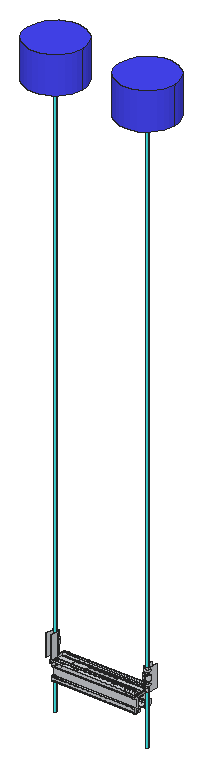
Revit family "KIT #1 (SS)", category Electrical Fixtures, Revit 2016
Family settings
  Maintain Annotation Orientation = No
  Part Type = Normal
  Round Connector Dimension = Use Diameter
  OmniClass Number = 23.80.00.00
  OmniClass Title = Electric Power and Lighting
  Work Plane-Based = No
  Always vertical = Yes
  Cut with Voids When Loaded = Yes
  Shared = Yes
  Room Calculation Point = No
Parameters
  top of 4D connection insert4 [instance] = Top of Strut 4 - 0' 0 97/256"  # -0' - 0 97/256"
  top of 4D connection insert3 [instance] = Top of Strut 3 - 0' 0 97/256"  # -0' - 0 97/256"
  top of 4D connection insert2 [instance] = Top of Strut 2 - 0' 0 97/256"  # -0' - 0 97/256"
  top of 4D connection insert1 [instance] = Top of Strut - 0' 0 97/256"  # 9' - 11 159/256"
  calc3 [instance] = 0' - 5 5/8"
  calc2 [instance] = 5' - 1 5/8"
  calc1 [instance] = Strut Length - 0' 1"  # 0' - 11"
  Zone of Influence - Check to Show [instance] = yes
  Zone of Influence Size - Radius [instance] = 0' - 3"
  ZOI-RACKS [instance] = ZOI-RACKS
  W [instance] = 1' - 0"
  Unistrut Type_Generic [instance] = no
  Total Rod Length [instance] = (Distance between levels - Top of Strut + Bottom of Rod + 0' 1 5/8") * 2  # 10' - 11 1/4"
  Top of Strut 4 [instance] = 0' - 0"
  Top of Strut 3 [instance] = 0' - 0"
  Top of Strut 2 [instance] = 0' - 0"
  Top of Strut [instance] = 10' - 0"
  Third Tier Strut [instance] = no
  T_Hanger [instance] = no
  T hanger Calc2 [instance] = and(T_Hanger, Flip T Hanger)  # no
  T hanger Calc1 [instance] = and(T_Hanger, not(Flip T Hanger))  # no
  Strut_Size [instance] = if(StrutOption1_B52, 0' 0 13/16", if(StrutOption2_B22, 0' 1 5/8", if(StrutOption3_B11, 0' 3 1/4", 0' 1 5/8")))  # 0' - 1 5/8"
  StrutOption3_B11 [instance] = Strut Option Selection = 3  # no
  StrutOption2_B22 [instance] = Strut Option Selection = 2  # yes
  StrutOption1_B52 [instance] = Strut Option Selection = 1  # no
  Strut Option Selection [instance] = 2
  Strut Length [instance] = 1' - 0"
  Slab Thickness [instance] = 0' - 4"
  Second Tier Strut [instance] = no
  Rod Visible 2 [instance] = yes
  Rod Visible [instance] = yes
  Rod Size_radius [instance] = if(HardwareOption1 _ 1_4 inch, 0' 0 1/8", if(HardwareOption2 _ 3_8 inch, 0' 0 3/16", if(HardwareOption3 _ 1_2 inch, 0' 0 1/4", if(HardwareOption4 _ 5_8 inch, 0' 0 5/16", if(HardwareOption5 _ 3_4 inch, 0' 0 3/8", 0' 0 1/4")))))  # 0' - 0 1/8"
  Rod Size [instance] = Rod Size_radius * 2  # 0' - 0 1/4"
  Rod Length above ceiling [instance] = 14' - 8"
  Rod Length [instance] = 5' - 1 5/8"
  Rod 2_Center [instance] = 0' - 1"
  Rod 1_Center [instance] = 0' - 1"
  Rack ID Tag [instance] = ""
  RACKS [instance] = RACKS
  R [instance] = 0' - 10"
  NOD2 = 0' - 3"
  NOD [instance] = Trmb_FieldPoints_MarkerGraphic_Marker : MarkerTFP
  Inserts - Check to Show [instance] = yes
  HardwareOption5 _ 3_4 inch [instance] = Hardware Option Selection = 5  # no
  HardwareOption4 _ 5_8 inch [instance] = Hardware Option Selection = 4  # no
  HardwareOption3 _ 1_2 inch [instance] = Hardware Option Selection = 3  # no
  HardwareOption2 _ 3_8 inch [instance] = Hardware Option Selection = 2  # no
  HardwareOption1 _ 1_4 inch [instance] = Hardware Option Selection = 1  # yes
  HardwareNut_Width [instance] = if(HardwareOption1 _ 1_4 inch, 0' 0 7/16", if(HardwareOption2 _ 3_8 inch, 0' 0 9/16", if(HardwareOption3 _ 1_2 inch, 0' 0 3/4", if(HardwareOption4 _ 5_8 inch, 0' 0 15/16", if(HardwareOption5 _ 3_4 inch, 0' 1 1/8", 0' 0 3/8")))))  # 0' - 0 7/16"
  HardwareNut_Height [instance] = if(HardwareOption1 _ 1_4 inch, 0' 0 7/32", if(HardwareOption2 _ 3_8 inch, 0' 0 21/64", if(HardwareOption3 _ 1_2 inch, 0' 0 7/16", if(HardwareOption4 _ 5_8 inch, 0' 0 35/64", if(HardwareOption5 _ 3_4 inch, 0' 0 41/64", 0' 0 7/16")))))  # 0' - 0 7/32"
  HardwareNutHole_Dim [instance] = if(HardwareOption1 _ 1_4 inch, 0' 0 1/8", if(HardwareOption2 _ 3_8 inch, 0' 0 3/16", if(HardwareOption3 _ 1_2 inch, 0' 0 1/4", if(HardwareOption4 _ 5_8 inch, 0' 0 5/16", if(HardwareOption5 _ 3_4 inch, 0' 0 3/8", 0' 0 1/4")))))  # 0' - 0 1/8"
  HardwareLockWasher_Dim [instance] = if(HardwareOption1 _ 1_4 inch, 0' 0 9/32", if(HardwareOption2 _ 3_8 inch, 0' 0 11/32", if(HardwareOption3 _ 1_2 inch, 0' 0 13/32", if(HardwareOption4 _ 5_8 inch, 0' 0 5/16", if(HardwareOption5 _ 3_4 inch, 0' 0 17/32", 0' 0 13/32")))))  # 0' - 0 9/32"
  HardwareLockWasherODHole_Dim [instance] = if(HardwareOption1 _ 1_4 inch, 0' 0 63/256", if(HardwareOption2 _ 3_8 inch, 0' 0 11/32", if(HardwareOption3 _ 1_2 inch, 0' 0 7/16", if(HardwareOption4 _ 5_8 inch, 0' 0 69/128", if(HardwareOption5 _ 3_4 inch, 0' 0 163/256", 0' 0 7/16")))))  # 0' - 0 63/256"
  HardwareLockWasherIDHole_Dim [instance] = if(HardwareOption1 _ 1_4 inch, 0' 0 17/128", if(HardwareOption2 _ 3_8 inch, 0' 0 25/128", if(HardwareOption3 _ 1_2 inch, 0' 0 67/256", if(HardwareOption4 _ 5_8 inch, 0' 0 83/256", if(HardwareOption5 _ 3_4 inch, 0' 0 99/256", 0' 0 67/256")))))  # 0' - 0 17/128"
  HardwareLockWasherHeight [instance] = if(HardwareOption1 _ 1_4 inch, 0' 0 5/64", if(HardwareOption2 _ 3_8 inch, 0' 0 3/32", if(HardwareOption3 _ 1_2 inch, 0' 0 1/8", if(HardwareOption4 _ 5_8 inch, 0' 0 5/32", if(HardwareOption5 _ 3_4 inch, 0' 0 3/16", 0' 0 1/8")))))  # 0' - 0 5/64"
  HardwareHoleDim [instance] = if(HardwareOption1 _ 1_4 inch, 0' 0 5/32", if(HardwareOption2 _ 3_8 inch, 0' 0 7/32", if(HardwareOption3 _ 1_2 inch, 0' 0 9/32", if(HardwareOption4 _ 5_8 inch, 0' 0 11/32", if(HardwareOption5 _ 3_4 inch, 0' 0 13/32", 0' 0 9/32")))))  # 0' - 0 5/32"
  Hardware Option Selection [instance] = 1
  HARDWARE [instance] = HARDWARE
  H [instance] = 4' - 8"
  Fourth Tier Strut [instance] = no
  Flip T Hanger [instance] = no
  Flip Beam Clamp [instance] = no
  Distance from top of All Thread to bottom of hanger [instance] = 0' - 2 1/2"
  Distance between levels [instance] = 15' - 0"
  Bottom of Rod [instance] = 0' - 4"
  Bottom of 4D Unistrut [instance] = 9' - 7.7875"
  Blue Banger Visible [instance] = yes
  Beam Clamp Connection Type [instance] = Beam Clamps (Pipe Acc. - Face Based) : Beam Clamps (Pipe Acc. - Face Based)
  Beam Clamp Connection [instance] = no
  Beam Clamp Calc2 [instance] = and(Beam Clamp Connection, Flip Beam Clamp)  # no
  Beam Clamp Calc1 [instance] = and(Beam Clamp Connection, not(Flip Beam Clamp))  # no
  4th Tier Unistrut Generic calc [instance] = and(Unistrut Type_Generic, Fourth Tier Strut)  # no
  4DTier4Calc [instance] = (and([4D Type Strut_Single], Fourth Tier Strut))  # no
  4DTier3Calc [instance] = (and([4D Type Strut_Single], Third Tier Strut))  # no
  4DTier2Calc [instance] = (and([4D Type Strut_Single], Second Tier Strut))  # no
  4D Type Strut_Single [instance] = yes
  4D Type Strut_Double [instance] = no
  4D Total Strut Length [instance] = if(and([4D Type Strut_Single], not([4D Type Strut_Double]), not(Second Tier Strut), not(Third Tier Strut), not(Fourth Tier Strut)), Strut Length - 0' 3", if(and([4D Type Strut_Single], not([4D Type Strut_Double]), Second Tier Strut, not(Third Tier Strut), not(Fourth Tier Strut)), (Strut Length - 0' 3") * 2, if(and([4D Type Strut_Single], not([4D Type Strut_Double]), Second Tier Strut, Third Tier Strut, not(Fourth Tier Strut)), (Strut Length - 0' 3") * 3, if(and([4D Type Strut_Single], not([4D Type Strut_Double]), Second Tier Strut, Third Tier Strut, Fourth Tier Strut), (Strut Length - 0' 3") * 4, if(and([4D Type Strut_Double], not(Second Tier Strut), not(Third Tier Strut), not(Fourth Tier Strut)), (Strut Length - 0' 3") * 2, if(and([4D Type Strut_Double], Second Tier Strut, not(Third Tier Strut), not(Fourth Tier Strut)), (Strut Length - 0' 3") * 3, if(and([4D Type Strut_Double], Second Tier Strut, Third Tier Strut, not(Fourth Tier Strut)), (Strut Length - 0' 3") * 4, if(and([4D Type Strut_Double], Second Tier Strut, Third Tier Strut, Fourth Tier Strut), (Strut Length - 0' 3") * 5, 0' 0"))))))))  # 0' - 9"
  4D Strut Length [instance] = Strut Length - 0' 3"  # 0' - 9"
  4D Calc2 [instance] = and([4D Calc], [4D Type Strut_Double])  # no
  4D Calc [instance] = and(not(Unistrut Type_Generic), or([4D Type Strut_Single], [4D Type Strut_Double]))  # yes
  3rd Tier Unistrut Generic calc [instance] = and(Unistrut Type_Generic, Third Tier Strut)  # no
  2nd Tier Unistrut Generic calc [instance] = and(Unistrut Type_Generic, Second Tier Strut)  # no
Reference planes (in)
  plane 1 "Center (Front/Back)": y = 0
  plane 2: z = 0
  plane 3 "Center (Left/Right)": x = 0
  plane 4 "rod_1": x = 1
  plane 5 "rod_2": x = 11
  plane 6 "edge_of_strut": x = 12
  plane 7 "bottom_of_slab": z = 176
  plane 8 "top_of_strut": z = 120
  plane 9 "center_of_rack": z = 118.375
  plane 10 "bottom_of_rod": z = 114.375
  plane 11 "hardware1_right": x = 1.8125
  plane 12 "hardware1_left": x = 0.1875
  plane 13 "Hardware2_left": x = 10.1875
  plane 14 "Hardware2_right": x = 11.8125
  plane 15: x = 1
  plane 16 "right_insert_location": x = 11
  plane 17 "left_insert_location": x = 1
  plane 18: x = 4
  plane 19: z = 0
  plane 20: z = -1.625
  plane 21: z = 0
  plane 22: z = -1.625
  plane 23: x = 10.9375
  plane 24: x = 11.0625
  plane 25: x = 0.9375
  plane 26: x = 1.0625
  plane 27: z = 177.5
  plane 28: y = 2
  plane 29: y = -2
  plane 30: z = 0
  plane 31: z = -1.625
  plane 32: z = 115.7875
  plane 33: x = 11
  plane 34: y = -4.5
  plane 35: y = 4.5
  plane 36: z = 173.5
  plane 37: y = 0.0625
  plane 38: y = -0.0625
  plane 39: y = 0.0625
  plane 40: y = -0.0625
  plane 41: x = 3
  plane 42: x = -1
  plane 43: x = 9
  plane 44: x = 13
  plane 45: x = 10.5
  plane 46: x = 1.5
Forms (in)
  Extrusion 1, solid, material "RACKS" <- "RACKS", visible <- "Rod Visible 2"
    sketch origin (0, 0, 0) x (1, 0, 0) y (0, 1, 0)
      loop
        circle (1, 0) r 0.125
    from 114.375 to 176
  Extrusion 2, solid, material "RACKS" <- "RACKS", visible <- "Rod Visible"
    sketch origin (0, 0, 0) x (1, 0, 0) y (0, 1, 0)
      loop
        circle (11, 0) r 0.125
    from 114.375 to 176
  Extrusion 3, solid, material "RACKS" <- "RACKS", visible <- "Unistrut Type_Generic"
    sketch origin (0, -17.22892, -3.47938) x (0, 1, 0) y (0, 0, 1)
      loop
        line (17.66642, 123.19813) -> (17.77142, 123.19813) -> (17.77142, 123.31188)
        arc (17.77142, 123.31188) -> (17.78973, 123.35608) -> (17.83392, 123.37438) r 0.0625
        line (17.83392, 123.37438) -> (17.87392, 123.37438)
        arc (17.87392, 123.37438) -> (17.91812, 123.35608) -> (17.93642, 123.31188) r 0.0625
        line (17.93642, 123.31188) -> (17.93642, 122.02188)
        arc (17.93642, 122.02188) -> (17.91812, 121.97769) -> (17.87392, 121.95938) r 0.0625
        line (17.87392, 121.95938) -> (16.58392, 121.95938)
        arc (16.58392, 121.95938) -> (16.53973, 121.97769) -> (16.52142, 122.02188) r 0.0625
        line (16.52142, 122.02188) -> (16.52142, 123.31188)
        arc (16.52142, 123.31188) -> (16.53973, 123.35608) -> (16.58392, 123.37438) r 0.0625
        line (16.58392, 123.37438) -> (16.62392, 123.37438)
        arc (16.62392, 123.37438) -> (16.66812, 123.35608) -> (16.68642, 123.31188) r 0.0625
        line (16.68642, 123.31188) -> (16.68642, 123.19813) -> (16.79142, 123.19813) -> (16.79142, 123.35438)
        arc (16.79142, 123.35438) -> (16.75481, 123.44277) -> (16.66642, 123.47938) r 0.125
        line (16.66642, 123.47938) -> (16.60392, 123.47938)
        arc (16.60392, 123.47938) -> (16.47134, 123.42447) -> (16.41642, 123.29188) r 0.1875
        line (16.41642, 123.29188) -> (16.41642, 122.04188)
        arc (16.41642, 122.04188) -> (16.47134, 121.9093) -> (16.60392, 121.85438) r 0.1875
        line (16.60392, 121.85438) -> (17.85392, 121.85438)
        arc (17.85392, 121.85438) -> (17.98651, 121.9093) -> (18.04142, 122.04188) r 0.1875
        line (18.04142, 122.04188) -> (18.04142, 123.29188)
        arc (18.04142, 123.29188) -> (17.98651, 123.42447) -> (17.85392, 123.47938) r 0.1875
        line (17.85392, 123.47938) -> (17.79142, 123.47938)
        arc (17.79142, 123.47938) -> (17.70304, 123.44277) -> (17.66642, 123.35438) r 0.125
        line (17.66642, 123.35438) -> (17.66642, 123.19813)
    from 0 to 12
  Extrusion 4, solid, material "HARDWARE" <- "HARDWARE", visible <- "Unistrut Type_Generic", detail levels fine
    sketch origin (6.80608, 3.04664, 112) x (1, 0, 0) y (0, 1, 0)
      loop
        line (-6.61858, -2.23414) -> (-6.61858, -3.85914) -> (-4.99358, -3.85914) -> (-4.99358, -2.23414) -> (-6.61858, -2.23414)
      loop
        circle (-5.80608, -3.04664) r 0.15625
    from 8 to 8.25
  Extrusion 5, solid, material "HARDWARE" <- "HARDWARE", visible <- "Unistrut Type_Generic", detail levels fine
    sketch origin (0.92265, 3.12486, 108) x (1, 0, 0) y (0, 1, 0)
      loop
        line (9.26485, -2.31236) -> (9.26485, -3.93736) -> (10.88985, -3.93736) -> (10.88985, -2.31236) -> (9.26485, -2.31236)
    from 12 to 12.25
  Extrusion 6, solid, material "HARDWARE" <- "HARDWARE", visible <- "Unistrut Type_Generic", detail levels fine
    sketch origin (0.92265, 3.12486, 105.5625) x (0, -1, 0) y (1, 0, 0)
      loop
        line (2.31236, 9.26485) -> (3.93736, 9.26485) -> (3.93736, 10.88985) -> (2.31236, 10.88985) -> (2.31236, 9.26485)
    from 12.5625 to 12.8125
  Extrusion 7, solid, material "ZOI-RACKS" <- "ZOI-RACKS", visible <- "Blue Banger Visible", detail levels fine
    sketch origin (0, 0, 176) x (1, 0, 0) y (0, 1, 0)
      loop
        circle (1, 0) r 3
    from 0 to 4
  Extrusion 8, solid, material "ZOI-RACKS" <- "ZOI-RACKS", visible <- "Blue Banger Visible", detail levels fine
    sketch origin (0, 0, 176) x (1, 0, 0) y (0, 1, 0)
      loop
        circle (11, 0) r 3
    from 0 to 4
  Extrusion 9, solid, material "HARDWARE" <- "HARDWARE", detail levels fine
    sketch origin (6.80608, 3.04664, 120.25) x (1, 0, 0) y (0, 1, 0)
      loop
        circle (-5.80608, -3.04664) r 0.24609
      loop
        circle (-5.80608, -3.04664) r 0.13281
    from 0 to 0.07813 <- "HardwareLockWasherHeight"
  Extrusion 10, solid, material "HARDWARE" <- "HARDWARE", detail levels fine
    sketch origin (6.37012, 2.51458, 120.25) x (1, 0, 0) y (0, 1, 0)
      loop
        circle (4.62988, -2.51458) r 0.24609
      loop
        circle (4.62988, -2.51458) r 0.13281
    from 0 to 0.07813 <- "HardwareLockWasherHeight"
  Extrusion 11, solid, material "HARDWARE" <- "HARDWARE", visible <- "Unistrut Type_Generic", detail levels fine
    sketch origin (-1.75, 0.625, 118.375) x (-1, 0, 0) y (0, 1, 0)
      loop
        line (-1.9375, -1.4375) -> (-1.9375, 0.1875) -> (-3.5625, 0.1875) -> (-3.5625, -1.4375) -> (-1.9375, -1.4375)
    from 0 to 0.25
  Extrusion 12, solid, material "RACKS" <- "RACKS", visible <- "2nd Tier Unistrut Generic calc"
    sketch origin (0, -17.22892, 4.17759) x (0, 1, 0) y (0, 0, 1)
      loop
        line (17.66642, -4.45884) -> (17.77142, -4.45884) -> (17.77142, -4.34509)
        arc (17.77142, -4.34509) -> (17.78973, -4.3009) -> (17.83392, -4.28259) r 0.0625
        line (17.83392, -4.28259) -> (17.87392, -4.28259)
        arc (17.87392, -4.28259) -> (17.91812, -4.3009) -> (17.93642, -4.34509) r 0.0625
        line (17.93642, -4.34509) -> (17.93642, -5.63509)
        arc (17.93642, -5.63509) -> (17.91812, -5.67928) -> (17.87392, -5.69759) r 0.0625
        line (17.87392, -5.69759) -> (16.58392, -5.69759)
        arc (16.58392, -5.69759) -> (16.53973, -5.67928) -> (16.52142, -5.63509) r 0.0625
        line (16.52142, -5.63509) -> (16.52142, -4.34509)
        arc (16.52142, -4.34509) -> (16.53973, -4.3009) -> (16.58392, -4.28259) r 0.0625
        line (16.58392, -4.28259) -> (16.62392, -4.28259)
        arc (16.62392, -4.28259) -> (16.66812, -4.3009) -> (16.68642, -4.34509) r 0.0625
        line (16.68642, -4.34509) -> (16.68642, -4.45884) -> (16.79142, -4.45884) -> (16.79142, -4.30259)
        arc (16.79142, -4.30259) -> (16.75481, -4.2142) -> (16.66642, -4.17759) r 0.125
        line (16.66642, -4.17759) -> (16.60392, -4.17759)
        arc (16.60392, -4.17759) -> (16.47134, -4.23251) -> (16.41642, -4.36509) r 0.1875
        line (16.41642, -4.36509) -> (16.41642, -5.61509)
        arc (16.41642, -5.61509) -> (16.47134, -5.74767) -> (16.60392, -5.80259) r 0.1875
        line (16.60392, -5.80259) -> (17.85392, -5.80259)
        arc (17.85392, -5.80259) -> (17.98651, -5.74767) -> (18.04142, -5.61509) r 0.1875
        line (18.04142, -5.61509) -> (18.04142, -4.36509)
        arc (18.04142, -4.36509) -> (17.98651, -4.23251) -> (17.85392, -4.17759) r 0.1875
        line (17.85392, -4.17759) -> (17.79142, -4.17759)
        arc (17.79142, -4.17759) -> (17.70304, -4.2142) -> (17.66642, -4.30259) r 0.125
        line (17.66642, -4.30259) -> (17.66642, -4.45884)
    from 0 to 12
  Extrusion 13, solid, material "HARDWARE" <- "HARDWARE", visible <- "2nd Tier Unistrut Generic calc", detail levels fine
    sketch origin (6.80608, 3.04664, 119.65697) x (1, 0, 0) y (0, 1, 0)
      loop
        line (-6.61858, -2.23414) -> (-6.61858, -3.85914) -> (-4.99358, -3.85914) -> (-4.99358, -2.23414) -> (-6.61858, -2.23414)
      loop
        circle (-5.80608, -3.04664) r 0.15625
    from -119.65697 to -119.40697
  Extrusion 14, solid, material "HARDWARE" <- "HARDWARE", visible <- "2nd Tier Unistrut Generic calc", detail levels fine
    sketch origin (0.92265, 3.12486, 115.65697) x (1, 0, 0) y (0, 1, 0)
      loop
        line (9.26485, -2.31236) -> (9.26485, -3.93736) -> (10.88985, -3.93736) -> (10.88985, -2.31236) -> (9.26485, -2.31236)
    from -115.65697 to -115.40697
  Extrusion 15, solid, material "HARDWARE" <- "HARDWARE", visible <- "2nd Tier Unistrut Generic calc", detail levels fine
    sketch origin (0.92265, 3.12486, 113.21947) x (0, -1, 0) y (1, 0, 0)
      loop
        line (2.31236, 9.26485) -> (3.93736, 9.26485) -> (3.93736, 10.88985) -> (2.31236, 10.88985) -> (2.31236, 9.26485)
    from -115.09447 to -114.84447
  Extrusion 16, solid, material "HARDWARE" <- "HARDWARE", visible <- "Second Tier Strut", detail levels fine
    sketch origin (6.80608, 3.04664, 0.25) x (1, 0, 0) y (0, 1, 0)
      loop
        circle (-5.80608, -3.04664) r 0.24609
      loop
        circle (-5.80608, -3.04664) r 0.13281
    from 0 to 0.07813 <- "HardwareLockWasherHeight"
  Extrusion 17, solid, material "HARDWARE" <- "HARDWARE", visible <- "Second Tier Strut", detail levels fine
    sketch origin (6.37012, 2.51458, 0.25) x (1, 0, 0) y (0, 1, 0)
      loop
        circle (4.62988, -2.51458) r 0.24609
      loop
        circle (4.62988, -2.51458) r 0.13281
    from 0 to 0.07813 <- "HardwareLockWasherHeight"
  Extrusion 18, solid, material "HARDWARE" <- "HARDWARE", visible <- "2nd Tier Unistrut Generic calc", detail levels fine
    sketch origin (-1.75, 0.625, -1.625) x (-1, 0, 0) y (0, 1, 0)
      loop
        line (-1.9375, -1.4375) -> (-1.9375, 0.1875) -> (-3.5625, 0.1875) -> (-3.5625, -1.4375) -> (-1.9375, -1.4375)
    from 0 to 0.25
  Extrusion 19, solid, material "RACKS" <- "RACKS", visible <- "3rd Tier Unistrut Generic calc"
    sketch origin (0, -17.22892, 12.17759) x (0, 1, 0) y (0, 0, 1)
      loop
        line (17.66642, -12.45884) -> (17.77142, -12.45884) -> (17.77142, -12.34509)
        arc (17.77142, -12.34509) -> (17.78973, -12.3009) -> (17.83392, -12.28259) r 0.0625
        line (17.83392, -12.28259) -> (17.87392, -12.28259)
        arc (17.87392, -12.28259) -> (17.91812, -12.3009) -> (17.93642, -12.34509) r 0.0625
        line (17.93642, -12.34509) -> (17.93642, -13.63509)
        arc (17.93642, -13.63509) -> (17.91812, -13.67928) -> (17.87392, -13.69759) r 0.0625
        line (17.87392, -13.69759) -> (16.58392, -13.69759)
        arc (16.58392, -13.69759) -> (16.53973, -13.67928) -> (16.52142, -13.63509) r 0.0625
        line (16.52142, -13.63509) -> (16.52142, -12.34509)
        arc (16.52142, -12.34509) -> (16.53973, -12.3009) -> (16.58392, -12.28259) r 0.0625
        line (16.58392, -12.28259) -> (16.62392, -12.28259)
        arc (16.62392, -12.28259) -> (16.66812, -12.3009) -> (16.68642, -12.34509) r 0.0625
        line (16.68642, -12.34509) -> (16.68642, -12.45884) -> (16.79142, -12.45884) -> (16.79142, -12.30259)
        arc (16.79142, -12.30259) -> (16.75481, -12.2142) -> (16.66642, -12.17759) r 0.125
        line (16.66642, -12.17759) -> (16.60392, -12.17759)
        arc (16.60392, -12.17759) -> (16.47134, -12.23251) -> (16.41642, -12.36509) r 0.1875
        line (16.41642, -12.36509) -> (16.41642, -13.61509)
        arc (16.41642, -13.61509) -> (16.47134, -13.74767) -> (16.60392, -13.80259) r 0.1875
        line (16.60392, -13.80259) -> (17.85392, -13.80259)
        arc (17.85392, -13.80259) -> (17.98651, -13.74767) -> (18.04142, -13.61509) r 0.1875
        line (18.04142, -13.61509) -> (18.04142, -12.36509)
        arc (18.04142, -12.36509) -> (17.98651, -12.23251) -> (17.85392, -12.17759) r 0.1875
        line (17.85392, -12.17759) -> (17.79142, -12.17759)
        arc (17.79142, -12.17759) -> (17.70304, -12.2142) -> (17.66642, -12.30259) r 0.125
        line (17.66642, -12.30259) -> (17.66642, -12.45884)
    from 0 to 12
  Extrusion 20, solid, material "HARDWARE" <- "HARDWARE", visible <- "3rd Tier Unistrut Generic calc", detail levels fine
    sketch origin (6.80608, 3.04664, 127.65697) x (1, 0, 0) y (0, 1, 0)
      loop
        line (-6.61858, -2.23414) -> (-6.61858, -3.85914) -> (-4.99358, -3.85914) -> (-4.99358, -2.23414) -> (-6.61858, -2.23414)
      loop
        circle (-5.80608, -3.04664) r 0.15625
    from -127.65697 to -127.40697
  Extrusion 21, solid, material "HARDWARE" <- "HARDWARE", visible <- "3rd Tier Unistrut Generic calc", detail levels fine
    sketch origin (0.92265, 3.12486, 123.65697) x (1, 0, 0) y (0, 1, 0)
      loop
        line (9.26485, -2.31236) -> (9.26485, -3.93736) -> (10.88985, -3.93736) -> (10.88985, -2.31236) -> (9.26485, -2.31236)
    from -123.65697 to -123.40697
  Extrusion 22, solid, material "HARDWARE" <- "HARDWARE", visible <- "3rd Tier Unistrut Generic calc", detail levels fine
    sketch origin (0.92265, 3.12486, 121.21947) x (0, -1, 0) y (1, 0, 0)
      loop
        line (2.31236, 9.26485) -> (3.93736, 9.26485) -> (3.93736, 10.88985) -> (2.31236, 10.88985) -> (2.31236, 9.26485)
    from -123.09447 to -122.84447
  Extrusion 23, solid, material "HARDWARE" <- "HARDWARE", visible <- "Third Tier Strut", detail levels fine
    sketch origin (6.80608, 3.04664, 0.25) x (1, 0, 0) y (0, 1, 0)
      loop
        circle (-5.80608, -3.04664) r 0.24609
      loop
        circle (-5.80608, -3.04664) r 0.13281
    from 0 to 0.07813 <- "HardwareLockWasherHeight"
  Extrusion 24, solid, material "HARDWARE" <- "HARDWARE", visible <- "Third Tier Strut", detail levels fine
    sketch origin (6.37012, 2.51458, 0.25) x (1, 0, 0) y (0, 1, 0)
      loop
        circle (4.62988, -2.51458) r 0.24609
      loop
        circle (4.62988, -2.51458) r 0.13281
    from 0 to 0.07813 <- "HardwareLockWasherHeight"
  Extrusion 25, solid, material "HARDWARE" <- "HARDWARE", visible <- "3rd Tier Unistrut Generic calc", detail levels fine
    sketch origin (-1.75, 0.625, -1.625) x (-1, 0, 0) y (0, 1, 0)
      loop
        line (-1.9375, -1.4375) -> (-1.9375, 0.1875) -> (-3.5625, 0.1875) -> (-3.5625, -1.4375) -> (-1.9375, -1.4375)
    from 0 to 0.25
  Extrusion 26, solid, visible <- "T hanger Calc1"
    sketch origin (0, 0, 0) x (1, 0, 0) y (0, 0, 1)
      loop
        line (0.9375, 177.5) -> (0.9375, 176) -> (1.0625, 176) -> (1.0625, 177.5) -> (0.9375, 177.5)
      loop
        line (10.9375, 177.5) -> (10.9375, 176) -> (11.0625, 176) -> (11.0625, 177.5) -> (10.9375, 177.5)
    from -2 to 2
  Extrusion 27, solid, material "RACKS" <- "RACKS", visible <- "4th Tier Unistrut Generic calc"
    sketch origin (0, -17.22892, 17.42759) x (0, 1, 0) y (0, 0, 1)
      loop
        line (17.66642, -17.70884) -> (17.77142, -17.70884) -> (17.77142, -17.59509)
        arc (17.77142, -17.59509) -> (17.78973, -17.5509) -> (17.83392, -17.53259) r 0.0625
        line (17.83392, -17.53259) -> (17.87392, -17.53259)
        arc (17.87392, -17.53259) -> (17.91812, -17.5509) -> (17.93642, -17.59509) r 0.0625
        line (17.93642, -17.59509) -> (17.93642, -18.88509)
        arc (17.93642, -18.88509) -> (17.91812, -18.92928) -> (17.87392, -18.94759) r 0.0625
        line (17.87392, -18.94759) -> (16.58392, -18.94759)
        arc (16.58392, -18.94759) -> (16.53973, -18.92928) -> (16.52142, -18.88509) r 0.0625
        line (16.52142, -18.88509) -> (16.52142, -17.59509)
        arc (16.52142, -17.59509) -> (16.53973, -17.5509) -> (16.58392, -17.53259) r 0.0625
        line (16.58392, -17.53259) -> (16.62392, -17.53259)
        arc (16.62392, -17.53259) -> (16.66812, -17.5509) -> (16.68642, -17.59509) r 0.0625
        line (16.68642, -17.59509) -> (16.68642, -17.70884) -> (16.79142, -17.70884) -> (16.79142, -17.55259)
        arc (16.79142, -17.55259) -> (16.75481, -17.4642) -> (16.66642, -17.42759) r 0.125
        line (16.66642, -17.42759) -> (16.60392, -17.42759)
        arc (16.60392, -17.42759) -> (16.47134, -17.48251) -> (16.41642, -17.61509) r 0.1875
        line (16.41642, -17.61509) -> (16.41642, -18.86509)
        arc (16.41642, -18.86509) -> (16.47134, -18.99767) -> (16.60392, -19.05259) r 0.1875
        line (16.60392, -19.05259) -> (17.85392, -19.05259)
        arc (17.85392, -19.05259) -> (17.98651, -18.99767) -> (18.04142, -18.86509) r 0.1875
        line (18.04142, -18.86509) -> (18.04142, -17.61509)
        arc (18.04142, -17.61509) -> (17.98651, -17.48251) -> (17.85392, -17.42759) r 0.1875
        line (17.85392, -17.42759) -> (17.79142, -17.42759)
        arc (17.79142, -17.42759) -> (17.70304, -17.4642) -> (17.66642, -17.55259) r 0.125
        line (17.66642, -17.55259) -> (17.66642, -17.70884)
    from 0 to 12
  Extrusion 28, solid, material "HARDWARE" <- "HARDWARE", visible <- "4th Tier Unistrut Generic calc", detail levels fine
    sketch origin (6.80608, 3.04664, 132.90697) x (1, 0, 0) y (0, 1, 0)
      loop
        line (-6.61858, -2.23414) -> (-6.61858, -3.85914) -> (-4.99358, -3.85914) -> (-4.99358, -2.23414) -> (-6.61858, -2.23414)
      loop
        circle (-5.80608, -3.04664) r 0.15625
    from -132.90697 to -132.65697
  Extrusion 29, solid, material "HARDWARE" <- "HARDWARE", visible <- "4th Tier Unistrut Generic calc", detail levels fine
    sketch origin (0.92265, 3.12486, 128.90697) x (1, 0, 0) y (0, 1, 0)
      loop
        line (9.26485, -2.31236) -> (9.26485, -3.93736) -> (10.88985, -3.93736) -> (10.88985, -2.31236) -> (9.26485, -2.31236)
    from -128.90697 to -128.65697
  Extrusion 30, solid, material "HARDWARE" <- "HARDWARE", visible <- "4th Tier Unistrut Generic calc", detail levels fine
    sketch origin (0.92265, 3.12486, 126.46947) x (0, -1, 0) y (1, 0, 0)
      loop
        line (2.31236, 9.26485) -> (3.93736, 9.26485) -> (3.93736, 10.88985) -> (2.31236, 10.88985) -> (2.31236, 9.26485)
    from -128.34447 to -128.09447
  Extrusion 31, solid, material "HARDWARE" <- "HARDWARE", visible <- "Fourth Tier Strut", detail levels fine
    sketch origin (6.80608, 3.04664, 0.25) x (1, 0, 0) y (0, 1, 0)
      loop
        circle (-5.80608, -3.04664) r 0.24609
      loop
        circle (-5.80608, -3.04664) r 0.13281
    from 0 to 0.07813 <- "HardwareLockWasherHeight"
  Extrusion 32, solid, material "HARDWARE" <- "HARDWARE", visible <- "Fourth Tier Strut", detail levels fine
    sketch origin (6.37012, 2.51458, 0.25) x (1, 0, 0) y (0, 1, 0)
      loop
        circle (4.62988, -2.51458) r 0.24609
      loop
        circle (4.62988, -2.51458) r 0.13281
    from 0 to 0.07813 <- "HardwareLockWasherHeight"
  Extrusion 33, solid, material "HARDWARE" <- "HARDWARE", visible <- "4th Tier Unistrut Generic calc", detail levels fine
    sketch origin (-1.75, 0.625, -1.625) x (-1, 0, 0) y (0, 1, 0)
      loop
        line (-1.9375, -1.4375) -> (-1.9375, 0.1875) -> (-3.5625, 0.1875) -> (-3.5625, -1.4375) -> (-1.9375, -1.4375)
    from 0 to 0.25
  Extrusion 34, solid, visible <- "T hanger Calc2"
    sketch origin (-13, 0, 180) x (1, 0, 0) y (0, 1, 0)
      loop
        line (12, 0.0625) -> (12, -0.0625) -> (16, -0.0625) -> (16, 0.0625) -> (12, 0.0625)
    from -4 to -2.5
  Extrusion 35, solid, visible <- "T hanger Calc2"
    sketch origin (-13, 0, 180) x (1, 0, 0) y (0, 1, 0)
      loop
        line (22, 0.0625) -> (22, -0.0625) -> (26, -0.0625) -> (26, 0.0625) -> (22, 0.0625)
    from -4 to -2.5
Lines and regions (in)
  model lines
    curve 1: circle (1.00001, 0, 180) r 2.99999 normal (0, 0, 1)
    curve 2: line (1.00001, -2.99999, 180) -> (1.00001, 2.99999, 180)
    curve 3: line (4, 0, 180) -> (-1.99998, 0, 180)
    curve 5: circle (11, 0, 180) r 3 normal (0, 0, 1)
    curve 6: line (8, 0, 180) -> (14, 0, 180)
    curve 7: line (11, -3, 180) -> (11, 3, 180)
    curve 8: circle (1.00001, 0, 180) r 3 normal (0, 0, 1)
    curve 9: line (1.00001, -4.5, 180) -> (1.00001, 4.5, 180)
    curve 10: line (4.00001, 0, 180) -> (-1.99999, 0, 180)
    curve 11: line (1.00001, 3, 180) -> (1.00001, -3, 180)
    curve 12: line (11, -3, 180) -> (14, 0, 180)
    curve 13: line (11, 3, 180) -> (14, 0, 180)
  reference lines
    curve 4: line (0, 0, 180) -> (11, 0, 180)
Dimensions and locks (in)
  "Rod 1_Center": plane 4 "rod_1" to plane 3 "Center (Left/Right)"
  "Slab Thickness": level to plane 7 "bottom_of_slab"
  "Bottom of Rod": plane 9 "center_of_rack" to plane 10 "bottom_of_rod"
  locked: Extrusion 3 sketch curve to Extrusion 3 sketch curve at 0.105
  Extrusion 3 sketch curve to Extrusion 3 sketch curve = 0' - 0.105"  (x2)
  "Strut_Size": plane 8 "top_of_strut" to plane 9 "center_of_rack"
  "Top of Strut": plane 8 "top_of_strut" to level
  "H": plane 7 "bottom_of_slab" to plane 8 "top_of_strut"
  "Rod 2_Center": plane 6 "edge_of_strut" to plane 5 "rod_2"
  "R": plane 5 "rod_2" to plane 4 "rod_1"
  plane 12 "hardware1_left" to plane 4 "rod_1" to plane 11 "hardware1_right" = 0' - 0 13/16" locked, 0' - 0 13/16" locked
  plane 13 "Hardware2_left" to plane 5 "rod_2" to plane 14 "Hardware2_right" = 0' - 0 13/16", 0' - 0 13/16"
  "Strut Length": plane 3 "Center (Left/Right)" to plane 6 "edge_of_strut"
  locked: Extrusion 4 to Extrusion 4 at 0.25
  locked: plane 9 "center_of_rack" to Extrusion 6 at 0.25
  "Rod 1_Center": nested 4 to plane 3 "Center (Left/Right)"
  "Rod 2_Center": plane 6 "edge_of_strut" to nested 3
  "Rod Length": Extrusion 1 to Extrusion 1
  locked: Extrusion 12 sketch curve to Extrusion 12 sketch curve at 0.105
  Extrusion 12 sketch curve to Extrusion 12 sketch curve = 0' - 0.105"  (x2)
  "Strut_Size": plane 19 to plane 20
  locked: Extrusion 13 to Extrusion 13 at 0.25
  locked: plane 20 to Extrusion 15 at 0.25
  locked: Extrusion 14 to plane 19 at 0.25
  locked: plane 20 to Extrusion 18 at 0.25
  "Top of Strut 2": plane 19 to plane 2
  locked: Extrusion 19 sketch curve to Extrusion 19 sketch curve at 0.105
  Extrusion 19 sketch curve to Extrusion 19 sketch curve = 0' - 0.105"  (x2)
  "Strut_Size": plane 21 to plane 22
  locked: Extrusion 20 to Extrusion 20 at 0.25
  locked: plane 22 to Extrusion 22 at 0.25
  locked: Extrusion 21 to plane 21 at 0.25
  locked: plane 22 to Extrusion 25 at 0.25
  "Top of Strut 3": plane 21 to plane 2
  equal spacing: plane 26, plane 17 "left_insert_location", plane 25
  locked: plane 27 to plane 7 "bottom_of_slab" at 1.5
  equal spacing: plane 28, plane 1 "Center (Front/Back)", plane 29
  locked: plane 1 "Center (Front/Back)" to plane 28 at 2
  equal spacing: plane 24, plane 16 "right_insert_location", plane 23
  locked: plane 23 to plane 16 "right_insert_location" at 0.0625
  locked: plane 25 to plane 17 "left_insert_location" at 0.0625
  locked: Extrusion 5 to plane 8 "top_of_strut" at 0.25
  locked: Extrusion 27 sketch curve to Extrusion 27 sketch curve at 0.105
  Extrusion 27 sketch curve to Extrusion 27 sketch curve = 0' - 0.105"  (x2)
  "Strut_Size": plane 30 to plane 31
  locked: Extrusion 28 to Extrusion 28 at 0.25
  locked: plane 31 to Extrusion 30 at 0.25
  locked: Extrusion 29 to plane 30 at 0.25
  locked: plane 31 to Extrusion 33 at 0.25
  "Top of Strut 4": plane 30 to level
  "Bottom of 4D Unistrut": plane 32 to level
  "calc1": plane 3 "Center (Left/Right)" to plane 33
  equal spacing: plane 35, plane 1 "Center (Front/Back)", plane 34
  plane 35 to plane 34 = 0' - 9"
  "Distance from top of All Thread to bottom of hanger": plane 7 "bottom_of_slab" to plane 36
  equal spacing: plane 39, plane 1 "Center (Front/Back)", plane 40
  plane 1 "Center (Front/Back)" to plane 39 = 0' - 0 1/16"
  plane 17 "left_insert_location" to plane 41 = 0' - 2"
  plane 42 to plane 17 "left_insert_location" = 0' - 2"
  plane 43 to plane 33 = 0' - 2"
  plane 33 to plane 44 = 0' - 2"
  equal spacing: plane 38, plane 1 "Center (Front/Back)", plane 37
  locked: plane 1 "Center (Front/Back)" to plane 37 at 0.0625
  locked: plane 3 "Center (Left/Right)" to plane 46 at 1.5
  locked: plane 45 to plane 6 "edge_of_strut" at 1.5
  "calc2": Extrusion 8 to Extrusion 2
  "Distance between levels": level to level
  plane 10 "bottom_of_rod" to level = 9' - 6 3/8"
  "Rod Size_radius": radius of Extrusion 1 sketch curve
  "Rod Size_radius": radius of Extrusion 2 sketch curve
  "Zone of Influence Size - Radius": radius of Extrusion 7 sketch curve
  "Zone of Influence Size - Radius": radius of Extrusion 8 sketch curve
  "HardwareHoleDim": radius of Extrusion 4 sketch curve
  "HardwareLockWasherODHole_Dim": radius of Extrusion 9 sketch curve
  "HardwareLockWasherIDHole_Dim": radius of Extrusion 9 sketch curve
  "HardwareLockWasherODHole_Dim": radius of Extrusion 10 sketch curve
  "HardwareLockWasherIDHole_Dim": radius of Extrusion 10 sketch curve
  "HardwareHoleDim": radius of Extrusion 13 sketch curve
  "HardwareLockWasherODHole_Dim": radius of Extrusion 16 sketch curve
  "HardwareLockWasherIDHole_Dim": radius of Extrusion 16 sketch curve
  "HardwareLockWasherODHole_Dim": radius of Extrusion 17 sketch curve
  "HardwareLockWasherIDHole_Dim": radius of Extrusion 17 sketch curve
  "HardwareHoleDim": radius of Extrusion 20 sketch curve
  "HardwareLockWasherODHole_Dim": radius of Extrusion 23 sketch curve
  "HardwareLockWasherIDHole_Dim": radius of Extrusion 23 sketch curve
  "HardwareLockWasherODHole_Dim": radius of Extrusion 24 sketch curve
  "HardwareLockWasherIDHole_Dim": radius of Extrusion 24 sketch curve
  "HardwareHoleDim": radius of Extrusion 28 sketch curve
  "HardwareLockWasherODHole_Dim": radius of Extrusion 31 sketch curve
  "HardwareLockWasherIDHole_Dim": radius of Extrusion 31 sketch curve
  "HardwareLockWasherODHole_Dim": radius of Extrusion 32 sketch curve
  "HardwareLockWasherIDHole_Dim": radius of Extrusion 32 sketch curve
  "NOD2": radius of Extrusion 7
  "NOD2": radius of Extrusion 8
  "NOD2": radius of curve 5
  "NOD2": radius of curve 8
  aligned and locked: level to plane 2
  aligned and locked: plane 7 "bottom_of_slab" to Extrusion 1
  aligned and locked: Extrusion 2 to Extrusion 1
  aligned and locked: Extrusion 1 to Extrusion 2
  aligned and locked: Extrusion 1 to plane 10 "bottom_of_rod"
  aligned and locked: Extrusion 3 to plane 9 "center_of_rack"
  aligned and locked: Extrusion 3 to plane 3 "Center (Left/Right)"
  aligned and locked: plane 6 "edge_of_strut" to Extrusion 3
  aligned and locked: Extrusion 3 to Extrusion 4  (x2)
  aligned and locked: Extrusion 4 to plane 11 "hardware1_right"
  aligned and locked: plane 12 "hardware1_left" to Extrusion 4
  aligned and locked: Extrusion 3 to Extrusion 5  (x2)
  aligned and locked: Extrusion 5 to plane 13 "Hardware2_left"
  aligned and locked: plane 14 "Hardware2_right" to Extrusion 5
  aligned and locked: Extrusion 5 to plane 8 "top_of_strut"
  aligned and locked: plane 15 to plane 4 "rod_1"
  aligned and locked: level to Extrusion 7
  aligned and locked: Extrusion 7 to Extrusion 1
  aligned and locked: level to Extrusion 8
  aligned and locked: Extrusion 8 to Extrusion 2
  aligned and locked: Extrusion 4 to plane 8 "top_of_strut"
  aligned and locked: plane 16 "right_insert_location" to plane 5 "rod_2"
  aligned and locked: plane 17 "left_insert_location" to plane 4 "rod_1"
  aligned and locked: Extrusion 11 to plane 11 "hardware1_right"
  aligned and locked: plane 12 "hardware1_left" to Extrusion 11
  aligned and locked: plane 9 "center_of_rack" to Extrusion 6
  aligned and locked: Extrusion 12 to plane 20
  aligned and locked: Extrusion 12 to Extrusion 13  (x2)
  aligned and locked: Extrusion 12 to Extrusion 14  (x2)
  aligned and locked: Extrusion 14 to plane 19
  aligned and locked: Extrusion 13 to plane 19
  aligned and locked: plane 20 to Extrusion 15
  aligned and locked: plane 19 to Extrusion 13
  aligned and locked: plane 20 to Extrusion 18
  aligned and locked: plane 19 to Extrusion 14  (x3)
  aligned and locked: Extrusion 19 to plane 22
  aligned and locked: Extrusion 19 to Extrusion 20  (x2)
  aligned and locked: Extrusion 19 to Extrusion 21  (x2)
  aligned and locked: Extrusion 21 to plane 21
  aligned and locked: Extrusion 20 to plane 21
  aligned and locked: plane 22 to Extrusion 22
  aligned and locked: plane 21 to Extrusion 20  (x2)
  aligned and locked: plane 22 to Extrusion 25
  aligned and locked: plane 21 to Extrusion 21  (x3)
  aligned and locked: Extrusion 25 to plane 22
  aligned and locked: Extrusion 26 sketch curve to plane 27
  aligned and locked: plane 7 "bottom_of_slab" to Extrusion 26 sketch curve  (x2)
  aligned and locked: Extrusion 26 sketch curve to plane 26
  aligned and locked: plane 25 to Extrusion 26 sketch curve
  aligned and locked: plane 27 to Extrusion 26 sketch curve
  aligned and locked: plane 23 to Extrusion 26 sketch curve
  aligned and locked: Extrusion 26 sketch curve to plane 24
  aligned and locked: Extrusion 26 to plane 28
  aligned and locked: Extrusion 26 to plane 29
  aligned and locked: nested 5 to plane 16 "right_insert_location"  (x2)
  aligned and locked: nested 11 to plane 16 "right_insert_location"  (x2)
  aligned and locked: nested 9 to plane 16 "right_insert_location"  (x2)
  aligned and locked: Extrusion 19 to plane 6 "edge_of_strut"
  aligned and locked: Extrusion 12 to plane 6 "edge_of_strut"
  aligned and locked: nested 2 to plane 16 "right_insert_location"
  aligned and locked: nested 8 to plane 16 "right_insert_location"
  aligned and locked: nested 3 to plane 16 "right_insert_location"
  aligned and locked: Extrusion 26 to plane 23
  aligned and locked: plane 24 to Extrusion 26
  aligned and locked: plane 8 "top_of_strut" to Extrusion 4
  aligned and locked: plane 8 "top_of_strut" to Extrusion 5
  aligned and locked: Extrusion 27 to plane 31
  aligned and locked: Extrusion 27 to Extrusion 28  (x2)
  aligned and locked: Extrusion 27 to Extrusion 29  (x2)
  aligned and locked: Extrusion 29 to plane 30
  aligned and locked: Extrusion 28 to plane 30
  aligned and locked: plane 31 to Extrusion 30
  aligned and locked: plane 30 to Extrusion 28  (x3)
  aligned and locked: plane 31 to Extrusion 33
  aligned and locked: plane 30 to Extrusion 29  (x3)
  aligned and locked: Extrusion 33 to plane 31
  aligned and locked: nested 16 to plane 17 "left_insert_location"
  aligned and locked: nested 15 to plane 16 "right_insert_location"  (x2)
  aligned and locked: plane 1 "Center (Front/Back)" to nested 15
  aligned and locked: plane 1 "Center (Front/Back)" to nested 16
  aligned and locked: Extrusion 27 to plane 6 "edge_of_strut"
  aligned and locked: nested 13 to plane 16 "right_insert_location"
  aligned and locked: nested 18 to plane 16 "right_insert_location"
  aligned and locked: plane 1 "Center (Front/Back)" to nested 18
  aligned and locked: nested 17 to plane 17 "left_insert_location"
  aligned and locked: plane 1 "Center (Front/Back)" to nested 17
  aligned and locked: curve 3 to Extrusion 7
  aligned and locked: nested 19 to nested 20
  aligned and locked: plane 33 to curve 4
  aligned and locked: curve 4 to curve 6
  aligned and locked: curve 9 to curve 2
  aligned and locked: curve 10 to Extrusion 7
  aligned and locked: plane 3 "Center (Left/Right)" to curve 4
  aligned and locked: plane 34 to curve 9
  aligned and locked: plane 35 to curve 9
  aligned and locked: plane 1 "Center (Front/Back)" to curve 13
  aligned and locked: plane 1 "Center (Front/Back)" to Extrusion 8
  aligned and locked: plane 33 to curve 13
  aligned and locked: plane 33 to curve 7
  aligned and locked: nested 24 to plane 17 "left_insert_location"
  aligned and locked: nested 24 to plane 1 "Center (Front/Back)"
  aligned and locked: plane 33 to nested 25
  aligned and locked: nested 25 to plane 1 "Center (Front/Back)"
  aligned and locked: nested 25 to plane 36
  aligned and locked: nested 24 to plane 36
  aligned and locked: nested 26 to plane 33
  aligned and locked: plane 17 "left_insert_location" to nested 27
  aligned and locked: plane 1 "Center (Front/Back)" to nested 26
  aligned and locked: plane 1 "Center (Front/Back)" to nested 27
  aligned and locked: nested 27 to plane 36
  aligned and locked: nested 26 to plane 36
  aligned and locked: Extrusion 34 sketch curve to plane 37
  aligned and locked: plane 42 to Extrusion 34 sketch curve
  aligned and locked: plane 38 to Extrusion 34 sketch curve
  aligned and locked: Extrusion 34 sketch curve to plane 41
  aligned and locked: Extrusion 35 sketch curve to plane 37
  aligned and locked: plane 43 to Extrusion 35 sketch curve
  aligned and locked: plane 38 to Extrusion 35 sketch curve
  aligned and locked: Extrusion 35 sketch curve to plane 44
  aligned and locked: Extrusion 26 to Extrusion 35
  aligned and locked: Extrusion 34 to Extrusion 26  (x2)
  aligned and locked: Extrusion 26 to Extrusion 34
  aligned and locked: Extrusion 35 to Extrusion 26
  aligned and locked: nested 29 to plane 33
  aligned and locked: nested 28 to plane 17 "left_insert_location"
  aligned and locked: plane 1 "Center (Front/Back)" to nested 28
  aligned and locked: nested 29 to plane 1 "Center (Front/Back)"
  aligned and locked: plane 45 to nested 19
  aligned and locked: plane 45 to nested 21
  aligned and locked: plane 45 to nested 20
  aligned and locked: plane 45 to nested 22
  aligned and locked: plane 45 to nested 23
  aligned and locked: plane 46 to nested 21
  aligned and locked: plane 46 to nested 22
  aligned and locked: plane 46 to nested 23
  aligned and locked: plane 46 to nested 19
  aligned and locked: plane 46 to nested 20
  aligned and locked: nested 21 to nested 19
  aligned and locked: nested 22 to nested 19
  aligned and locked: nested 23 to nested 19
  aligned and locked: nested 20 to nested 19
  aligned and locked: nested 30 to plane 17 "left_insert_location"
  aligned and locked: nested 32 to plane 17 "left_insert_location"
  aligned and locked: nested 31 to plane 33
  aligned and locked: nested 33 to plane 33
Automatic sketch dimensions
  Extrusion 3 sketch curve to plane 8 "top_of_strut" = 0' - 0"  (x2)
  Extrusion 3 sketch curve to plane 9 "center_of_rack" = 0' - 0"
  plane 9 "center_of_rack" to Extrusion 3 sketch curve = 0' - 0 3/16"
  plane 1 "Center (Front/Back)" to Extrusion 3 sketch curve = 0' - 0 13/16"
  Extrusion 3 sketch curve to Extrusion 3 sketch curve = 0' - 0.105"  (x3)
  Extrusion 3 sketch curve to Extrusion 3 sketch curve = 0' - 0 1/16"  (x4)
  Extrusion 3 sketch curve to Extrusion 3 sketch curve = 0' - 0.02"  (x5)
  Extrusion 3 sketch curve to Extrusion 3 sketch curve = 0' - 0.0825"  (x2)
  Extrusion 3 sketch curve to plane 8 "top_of_strut" = 0' - 0 1/8"
  Extrusion 3 sketch curve to plane 1 "Center (Front/Back)" = 0' - 0 7/16"
  Extrusion 3 sketch curve to Extrusion 3 sketch curve = 0' - 0.0425"
  Extrusion 3 sketch curve to Extrusion 3 sketch curve = 0' - 0.04"
  Extrusion 3 sketch curve to Extrusion 3 sketch curve = 0' - 0.11375"  (x2)
  Extrusion 5 sketch curve to plane 13 "Hardware2_left" = 0' - 0"
  Extrusion 5 sketch curve to plane 14 "Hardware2_right" = 0' - 0"
  plane 1 "Center (Front/Back)" to Extrusion 5 sketch curve = 0' - 0 13/16"
  Extrusion 5 sketch curve to plane 1 "Center (Front/Back)" = 0' - 0 13/16"
  Extrusion 6 sketch curve to plane 14 "Hardware2_right" = 0' - 0"
  Extrusion 6 sketch curve to plane 13 "Hardware2_left" = 0' - 0"
  Extrusion 6 sketch curve to plane 1 "Center (Front/Back)" = 0' - 0 13/16"
  plane 1 "Center (Front/Back)" to Extrusion 6 sketch curve = 0' - 0 13/16"
  Extrusion 3 to Extrusion 11 sketch curve = 0' - 0 3/16"
  Extrusion 11 sketch curve to Extrusion 3 = 0' - 1 13/16"
  Extrusion 11 sketch curve to Extrusion 3 = 0' - 0 3/16"  (x2)
  Extrusion 12 sketch curve to plane 19 = 0' - 0"  (x2)
  Extrusion 12 sketch curve to plane 20 = 0' - 0"
  plane 20 to Extrusion 12 sketch curve = 0' - 0 3/16"
  plane 1 "Center (Front/Back)" to Extrusion 12 sketch curve = 0' - 0 13/16"
  Extrusion 12 sketch curve to Extrusion 12 sketch curve = 0' - 0.105"  (x3)
  Extrusion 12 sketch curve to Extrusion 12 sketch curve = 0' - 0 1/16"  (x4)
  Extrusion 12 sketch curve to Extrusion 12 sketch curve = 0' - 0.02"  (x5)
  Extrusion 12 sketch curve to Extrusion 12 sketch curve = 0' - 0.0825"  (x2)
  Extrusion 12 sketch curve to plane 19 = 0' - 0 1/8"
  Extrusion 12 sketch curve to plane 1 "Center (Front/Back)" = 0' - 0 7/16"
  Extrusion 12 sketch curve to Extrusion 12 sketch curve = 0' - 0.0425"
  Extrusion 12 sketch curve to Extrusion 12 sketch curve = 0' - 0.04"
  Extrusion 12 sketch curve to Extrusion 12 sketch curve = 0' - 0.11375"  (x2)
  Extrusion 14 sketch curve to plane 13 "Hardware2_left" = 0' - 0"
  Extrusion 14 sketch curve to plane 14 "Hardware2_right" = 0' - 0"
  plane 1 "Center (Front/Back)" to Extrusion 14 sketch curve = 0' - 0 13/16"
  Extrusion 14 sketch curve to plane 1 "Center (Front/Back)" = 0' - 0 13/16"
  Extrusion 15 sketch curve to plane 14 "Hardware2_right" = 0' - 0"
  Extrusion 15 sketch curve to plane 13 "Hardware2_left" = 0' - 0"
  Extrusion 15 sketch curve to plane 1 "Center (Front/Back)" = 0' - 0 13/16"
  plane 1 "Center (Front/Back)" to Extrusion 15 sketch curve = 0' - 0 13/16"
  Extrusion 12 to Extrusion 18 sketch curve = 0' - 0 3/16"
  Extrusion 18 sketch curve to Extrusion 12 = 0' - 1 13/16"
  Extrusion 18 sketch curve to Extrusion 12 = 0' - 0 3/16"  (x2)
  Extrusion 19 sketch curve to plane 21 = 0' - 0"  (x2)
  Extrusion 19 sketch curve to plane 22 = 0' - 0"
  plane 22 to Extrusion 19 sketch curve = 0' - 0 3/16"
  plane 1 "Center (Front/Back)" to Extrusion 19 sketch curve = 0' - 0 13/16"
  Extrusion 19 sketch curve to Extrusion 19 sketch curve = 0' - 0.105"  (x3)
  Extrusion 19 sketch curve to Extrusion 19 sketch curve = 0' - 0 1/16"  (x4)
  Extrusion 19 sketch curve to Extrusion 19 sketch curve = 0' - 0.02"  (x5)
  Extrusion 19 sketch curve to Extrusion 19 sketch curve = 0' - 0.0825"  (x2)
  Extrusion 19 sketch curve to plane 21 = 0' - 0 1/8"
  Extrusion 19 sketch curve to plane 1 "Center (Front/Back)" = 0' - 0 7/16"
  Extrusion 19 sketch curve to Extrusion 19 sketch curve = 0' - 0.0425"
  Extrusion 19 sketch curve to Extrusion 19 sketch curve = 0' - 0.04"
  Extrusion 19 sketch curve to Extrusion 19 sketch curve = 0' - 0.11375"  (x2)
  Extrusion 21 sketch curve to plane 13 "Hardware2_left" = 0' - 0"
  Extrusion 21 sketch curve to plane 14 "Hardware2_right" = 0' - 0"
  plane 1 "Center (Front/Back)" to Extrusion 21 sketch curve = 0' - 0 13/16"
  Extrusion 21 sketch curve to plane 1 "Center (Front/Back)" = 0' - 0 13/16"
  Extrusion 22 sketch curve to plane 14 "Hardware2_right" = 0' - 0"
  Extrusion 22 sketch curve to plane 13 "Hardware2_left" = 0' - 0"
  Extrusion 22 sketch curve to plane 1 "Center (Front/Back)" = 0' - 0 13/16"
  plane 1 "Center (Front/Back)" to Extrusion 22 sketch curve = 0' - 0 13/16"
  Extrusion 19 to Extrusion 25 sketch curve = 0' - 0 3/16"
  Extrusion 25 sketch curve to Extrusion 19 = 0' - 1 13/16"
  Extrusion 25 sketch curve to Extrusion 19 = 0' - 0 3/16"  (x2)
  Extrusion 27 sketch curve to plane 30 = 0' - 0"  (x2)
  Extrusion 27 sketch curve to plane 31 = 0' - 0"
  plane 31 to Extrusion 27 sketch curve = 0' - 0 3/16"
  plane 1 "Center (Front/Back)" to Extrusion 27 sketch curve = 0' - 0 13/16"
  Extrusion 27 sketch curve to Extrusion 27 sketch curve = 0' - 0.105"  (x3)
  Extrusion 27 sketch curve to Extrusion 27 sketch curve = 0' - 0 1/16"  (x4)
  Extrusion 27 sketch curve to Extrusion 27 sketch curve = 0' - 0.02"  (x5)
  Extrusion 27 sketch curve to Extrusion 27 sketch curve = 0' - 0.0825"  (x2)
  Extrusion 27 sketch curve to plane 30 = 0' - 0 1/8"
  Extrusion 27 sketch curve to plane 1 "Center (Front/Back)" = 0' - 0 7/16"
  Extrusion 27 sketch curve to Extrusion 27 sketch curve = 0' - 0.0425"
  Extrusion 27 sketch curve to Extrusion 27 sketch curve = 0' - 0.04"
  Extrusion 27 sketch curve to Extrusion 27 sketch curve = 0' - 0.11375"  (x2)
  Extrusion 29 sketch curve to plane 13 "Hardware2_left" = 0' - 0"
  Extrusion 29 sketch curve to plane 14 "Hardware2_right" = 0' - 0"
  plane 1 "Center (Front/Back)" to Extrusion 29 sketch curve = 0' - 0 13/16"
  Extrusion 29 sketch curve to plane 1 "Center (Front/Back)" = 0' - 0 13/16"
  Extrusion 30 sketch curve to plane 14 "Hardware2_right" = 0' - 0"
  Extrusion 30 sketch curve to plane 13 "Hardware2_left" = 0' - 0"
  Extrusion 30 sketch curve to plane 1 "Center (Front/Back)" = 0' - 0 13/16"
  plane 1 "Center (Front/Back)" to Extrusion 30 sketch curve = 0' - 0 13/16"
  Extrusion 27 to Extrusion 33 sketch curve = 0' - 0 3/16"
  Extrusion 33 sketch curve to Extrusion 27 = 0' - 1 13/16"
  Extrusion 33 sketch curve to Extrusion 27 = 0' - 0 3/16"  (x2)
  curve 2 to curve 1 = 0' - 0"
  curve 1 to curve 3 = 0' - 3"
  curve 1 to curve 3 = 0' - 0"
  plane 1 "Center (Front/Back)" to curve 4 = 0' - 0"
  curve 4 to curve 8 = 0' - 0"
  curve 4 to curve 5 = 0' - 0"
  curve 4 to curve 8 = 0' - 1"
  curve 11 to curve 9 = 0' - 0"
  plane 1 "Center (Front/Back)" to Extrusion 1 sketch curve = 0' - 0"
  Extrusion 1 sketch curve to plane 4 "rod_1" = 0' - 0"
  plane 1 "Center (Front/Back)" to Extrusion 2 sketch curve = 0' - 0"
  Extrusion 2 sketch curve to plane 5 "rod_2" = 0' - 0"
  Extrusion 4 sketch curve to plane 12 "hardware1_left" = 0' - 0"
  plane 1 "Center (Front/Back)" to Extrusion 4 sketch curve = 0' - 0"
  Extrusion 4 sketch curve to plane 4 "rod_1" = 0' - 0"
  Extrusion 4 sketch curve to plane 11 "hardware1_right" = 0' - 0"
  Extrusion 4 sketch curve to plane 38 = 0' - 0 3/4"
  plane 37 to Extrusion 4 sketch curve = 0' - 0 3/4"
  plane 1 "Center (Front/Back)" to Extrusion 7 sketch curve = 0' - 0"
  Extrusion 7 sketch curve to plane 4 "rod_1" = 0' - 0"
  plane 1 "Center (Front/Back)" to Extrusion 8 sketch curve = 0' - 0"
  Extrusion 8 sketch curve to plane 5 "rod_2" = 0' - 0"
  Extrusion 9 sketch curve to Extrusion 9 sketch curve = 0' - 0"  (x2)
  Extrusion 9 sketch curve to Extrusion 4 = 0' - 0 13/16"  (x2)
  Extrusion 10 sketch curve to Extrusion 10 sketch curve = 0' - 0"  (x2)
  Extrusion 10 sketch curve to Extrusion 5 = 0' - 0 13/16"  (x2)
  Extrusion 13 sketch curve to plane 12 "hardware1_left" = 0' - 0"
  plane 1 "Center (Front/Back)" to Extrusion 13 sketch curve = 0' - 0"
  Extrusion 13 sketch curve to plane 4 "rod_1" = 0' - 0"
  Extrusion 13 sketch curve to plane 11 "hardware1_right" = 0' - 0"
  Extrusion 13 sketch curve to plane 38 = 0' - 0 3/4"
  plane 37 to Extrusion 13 sketch curve = 0' - 0 3/4"
  Extrusion 16 sketch curve to Extrusion 16 sketch curve = 0' - 0"  (x2)
  Extrusion 16 sketch curve to Extrusion 13 = 0' - 0 13/16"  (x2)
  Extrusion 17 sketch curve to Extrusion 17 sketch curve = 0' - 0"  (x2)
  Extrusion 17 sketch curve to Extrusion 14 = 0' - 0 13/16"  (x2)
  Extrusion 20 sketch curve to plane 12 "hardware1_left" = 0' - 0"
  plane 1 "Center (Front/Back)" to Extrusion 20 sketch curve = 0' - 0"
  Extrusion 20 sketch curve to plane 4 "rod_1" = 0' - 0"
  Extrusion 20 sketch curve to plane 11 "hardware1_right" = 0' - 0"
  Extrusion 20 sketch curve to plane 38 = 0' - 0 3/4"
  plane 37 to Extrusion 20 sketch curve = 0' - 0 3/4"
  Extrusion 23 sketch curve to Extrusion 23 sketch curve = 0' - 0"  (x2)
  Extrusion 23 sketch curve to Extrusion 20 = 0' - 0 13/16"  (x2)
  Extrusion 24 sketch curve to Extrusion 24 sketch curve = 0' - 0"  (x2)
  Extrusion 24 sketch curve to Extrusion 21 = 0' - 0 13/16"  (x2)
  Extrusion 28 sketch curve to plane 12 "hardware1_left" = 0' - 0"
  plane 1 "Center (Front/Back)" to Extrusion 28 sketch curve = 0' - 0"
  Extrusion 28 sketch curve to plane 4 "rod_1" = 0' - 0"
  Extrusion 28 sketch curve to plane 11 "hardware1_right" = 0' - 0"
  Extrusion 28 sketch curve to plane 38 = 0' - 0 3/4"
  plane 37 to Extrusion 28 sketch curve = 0' - 0 3/4"
  Extrusion 31 sketch curve to Extrusion 31 sketch curve = 0' - 0"  (x2)
  Extrusion 31 sketch curve to Extrusion 28 = 0' - 0 13/16"  (x2)
  Extrusion 32 sketch curve to Extrusion 32 sketch curve = 0' - 0"  (x2)
  Extrusion 32 sketch curve to Extrusion 29 = 0' - 0 13/16"  (x2)
Nested families (in)
  nested 1: "NUT" at (1, 0, 120.32813), HARDWARE <- "HARDWARE", HardwareNutHole_Dim <- "HardwareNutHole_Dim", HardwareNut_Height <- "HardwareNut_Height", HardwareNut_Width <- "HardwareNut_Width", visible <- "Unistrut Type_Generic", type "NUT"
    with HardwareNut_Width 0' - 0 7/16", HardwareNut_Height 0' - 0 7/32", HardwareNutHole_Dim 0' - 0 1/8", HARDWARE HARDWARE
  nested 2: "NUT" at (11, 0, 120.32813), HARDWARE <- "HARDWARE", HardwareNutHole_Dim <- "HardwareNutHole_Dim", HardwareNut_Height <- "HardwareNut_Height", HardwareNut_Width <- "HardwareNut_Width", visible <- "Unistrut Type_Generic", type "NUT"
    with HardwareNut_Width 0' - 0 7/16", HardwareNut_Height 0' - 0 7/32", HardwareNutHole_Dim 0' - 0 1/8", HARDWARE HARDWARE
  nested 3: "NUT" at (11, 0, 118.125) x (1, 0, 0) z (0, 0, -1), HARDWARE <- "HARDWARE", HardwareNutHole_Dim <- "HardwareNutHole_Dim", HardwareNut_Height <- "HardwareNut_Height", HardwareNut_Width <- "HardwareNut_Width", visible <- "Unistrut Type_Generic", type "NUT"
    with HardwareNut_Width 0' - 0 7/16", HardwareNut_Height 0' - 0 7/32", HardwareNutHole_Dim 0' - 0 1/8", HARDWARE HARDWARE
  nested 4: "NUT" at (1, 0, 118.125) x (-1, 0, 0) z (0, 0, -1), HARDWARE <- "HARDWARE", HardwareNutHole_Dim <- "HardwareNutHole_Dim", HardwareNut_Height <- "HardwareNut_Height", HardwareNut_Width <- "HardwareNut_Width", visible <- "Unistrut Type_Generic", type "NUT"
    with HardwareNut_Width 0' - 0 7/16", HardwareNut_Height 0' - 0 7/32", HardwareNutHole_Dim 0' - 0 1/8", HARDWARE HARDWARE
  nested 5: "NUT" at (11, 0, -1.875) x (1, 0, 0) z (0, 0, -1), HARDWARE <- "HARDWARE", HardwareNutHole_Dim <- "HardwareNutHole_Dim", HardwareNut_Height <- "HardwareNut_Height", HardwareNut_Width <- "HardwareNut_Width", visible <- "2nd Tier Unistrut Generic calc", type "NUT"
    with HardwareNut_Width 0' - 0 7/16", HardwareNut_Height 0' - 0 7/32", HardwareNutHole_Dim 0' - 0 1/8", HARDWARE HARDWARE
  nested 6: "NUT" at (1, 0, -1.875) x (-1, 0, 0) z (0, 0, -1), HARDWARE <- "HARDWARE", HardwareNutHole_Dim <- "HardwareNutHole_Dim", HardwareNut_Height <- "HardwareNut_Height", HardwareNut_Width <- "HardwareNut_Width", visible <- "2nd Tier Unistrut Generic calc", type "NUT"
    with HardwareNut_Width 0' - 0 7/16", HardwareNut_Height 0' - 0 7/32", HardwareNutHole_Dim 0' - 0 1/8", HARDWARE HARDWARE
  nested 7: "NUT" at (1, 0, 0.32813), visible <- "2nd Tier Unistrut Generic calc", type "NUT"
    with HardwareNut_Width 0' - 0 7/16", HardwareNut_Height 0' - 0 7/32", HardwareNutHole_Dim 0' - 0 1/8", HARDWARE HARDWARE
  nested 8: "NUT" at (11, 0, 0.32813), visible <- "2nd Tier Unistrut Generic calc", type "NUT"
    with HardwareNut_Width 0' - 0 7/16", HardwareNut_Height 0' - 0 7/32", HardwareNutHole_Dim 0' - 0 1/8", HARDWARE HARDWARE
  nested 9: "NUT" at (11, 0, -1.875) x (1, 0, 0) z (0, 0, -1), HARDWARE <- "HARDWARE", HardwareNutHole_Dim <- "HardwareNutHole_Dim", HardwareNut_Height <- "HardwareNut_Height", HardwareNut_Width <- "HardwareNut_Width", visible <- "3rd Tier Unistrut Generic calc", type "NUT"
    with HardwareNut_Width 0' - 0 7/16", HardwareNut_Height 0' - 0 7/32", HardwareNutHole_Dim 0' - 0 1/8", HARDWARE HARDWARE
  nested 10: "NUT" at (1, 0, -1.875) x (-1, 0, 0) z (0, 0, -1), HARDWARE <- "HARDWARE", HardwareNutHole_Dim <- "HardwareNutHole_Dim", HardwareNut_Height <- "HardwareNut_Height", HardwareNut_Width <- "HardwareNut_Width", visible <- "3rd Tier Unistrut Generic calc", type "NUT"
    with HardwareNut_Width 0' - 0 7/16", HardwareNut_Height 0' - 0 7/32", HardwareNutHole_Dim 0' - 0 1/8", HARDWARE HARDWARE
  nested 11: "NUT" at (11, 0, 0.32813), visible <- "3rd Tier Unistrut Generic calc", type "NUT"
    with HardwareNut_Width 0' - 0 7/16", HardwareNut_Height 0' - 0 7/32", HardwareNutHole_Dim 0' - 0 1/8", HARDWARE HARDWARE
